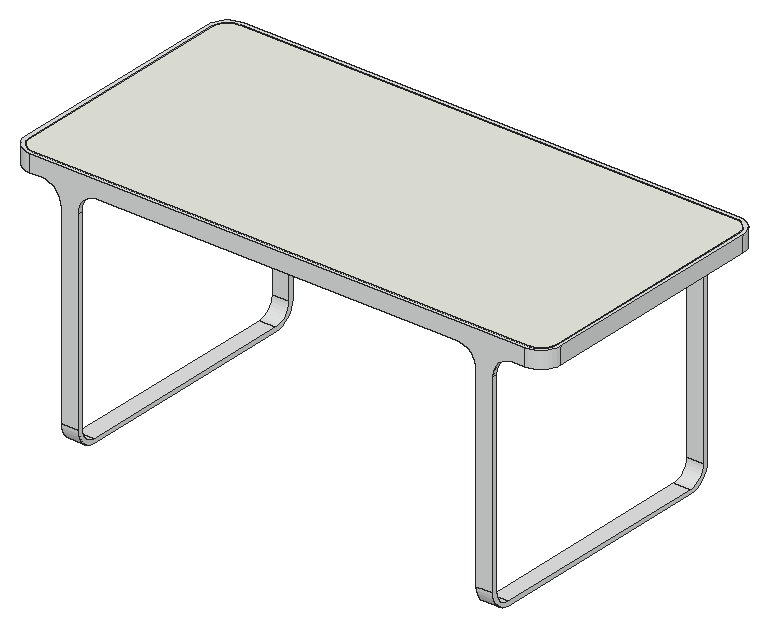
Revit family "Table-Casual-Naughtone-Trace_Table_Large", category Furniture, Revit 2015
Parameters (values of type "TRA-1600")
  _distributed by = "www.bimbox.co.uk"  # constant formula
  _current revision = "2"
  _created by = "www.bimbox.co.uk"  # constant formula
  _author = "BIMBox"  # constant formula
  _BIMspec_GUID = 0
  WarrantyStartDate [instance] = "<User Defined>"
  WarrantyGuarantorParts = "sales@naughtone.com"
  WarrantyGuarantorLabor = "sales@naughtone.com"
  WarrantyDurationUnit = "Years"
  WarrantyDurationParts = "5"
  WarrantyDurationLabor = "5"
  WarrantyDescription = "5 Year Warranty"
  Version = "2"
  Uniclass2015 = "40.50.21.22"
  URL = "http://www.naughtone.com"
  TypeName = "1600mmx800mmx750mm, Trace Table"
  Type Comments = "1600x800x750"
  Top Frame Width = Legs Width  # 50 mm
  TagNumber = 0
  Table Legs = 180 mm
  SustainabilityPerformance = "55.2% reusable content. 100% recycled & recyclable content"
  SpareParts = "n/a"
  Size = "1600mmx800mmx750mm"
  Shape = "Rectangular"
  SerialNumber = 0
  ReplacementCost = "0.00"
  Reinforcement = NominalWidth > 2299 mm  # no
  ProductInformation = "http://www.naughtone.com/wp-content/uploads/2015/04/Trace-large-brochure-FISP-2015.pdf?49171d"
  Product URL = "http://www.naughtone.com/portfolio-view/trace-large"
  Product Code = "TRA-1600"
  Option = "n/a"
  NominalWidth = 1600 mm
  NominalLength = 800 mm
  NominalHeight = 750 mm
  Name = "Table-Casual-Naughtone-Trace_Table_Large"
  NBSTypeID = "n/a"
  NBSReference = "40.50.21.22"
  Mtrl_Top [instance] = Laminate-White-Smooth
  Mtrl_Frame [instance] = Metal-Silver-Brushed
  ModelReference = "Trace Table Large"
  ModelNumber = "TRA-1600"
  Model = "Trace Rectangular Table"
  ManufacturerDetailsUK = "201 Pannal Business Park, Station Road, Harrogate, HG3 1JL"  # constant formula
  Manufacturer = "Naughtone"  # constant formula
  Legs Width = 50 mm
  Keynote = "40.50.21.22"
  InstallationDate [instance] = "<User Defined>"
  Grade = "n/a"
  Finish = "Polyster powder coat; various top finishes available"
  Features = "n/a"
  ExpectedLife = "15-20"
  DurationUnit = "Years"
  Description = "Trace Rectangular Table"
  CreatedOn = "2015.07.10"  # constant formula
  CreatedBy = "Naughtone"  # constant formula
  Cost = 0
  ContactTelephoneNumber = "+44 (0)1423 816 500"  # constant formula
  ContactEmailAddress = "sales@naughtone.com"  # constant formula
  Constituents = "Cold drawn mild steel frame, various top options"
  ComponentDescription = "Sold by the likes of MOMA in New York, the trace table range is simply a modern classic that speaks for itself. Suffice to say the immaculate hand made steel frame and repetition of shapes make trace an exquisitely balanced form."
  Color = "White"
  CodePerformance = "FISP Certified; ISO14001 Certified"
  Category = "40.50.21.22 : Dining Tables"
  BarCode = "0.000000"
  BIMObjectName = "Table-Casual-Naughtone-Trace_Table_Large"
  AssetType = "Movable"
  AssetIdentifier = "TRA-1600"
  Assembly Code = "E2020200"
  AccessibilityPerformance = "n/a"
Types (4, lengths in mm): name | TypeName | Type Comments | Top Frame Width | Table Legs | Size | Reinforcement | Product Code | NominalWidth | NominalLength | ModelNumber | Model | Legs Width | Description | AssetIdentifier
  TRA-1600 | "1600mmx800mmx750mm, Trace Table" | "1600x800x750" | 50 | 180 | "1600mmx800mmx750mm" | no | "TRA-1600" | 1600 | 800 | "TRA-1600" | "Trace Rectangular Table" | 50 | "Trace Rectangular Table" | "TRA-1600"
  TRA-2200 | "2200mmx800mmx750mm, Trace Table" | "2200x800x750" | 60 | 180 | "2200mmx800mmx750mm" | no | "TRA-2200" | 2200 | 800 | "TRA-2200" | "Trace Rectangular Table" | 60 | "Trace Rectangular Table" | "TRA-2200"
  TRA-OVERSIZE-2300 | "2300mmx900mmx750mm, Trace Table" | "2300x900x750" | 70 | 250 | "2300mmx900mmx750mm" | yes | "TRA-O/S" | 2300 | 900 | "TRA O/S" | "Trace Oversize Table 2300mm" | 70 | "Trace Oversize Table 2300mm" | "TRA O/S"
  TRA-OVERSIZE-3000 | "3000mmx1100mmx750mm, Trace Table" | "3000x1100x750" | 70 | 300 | "3000mmx1100mmx750mm" | yes | "TRA-O/S" | 3000 | 1100 | "TRA O/S" | "Trace Oversize Table 3000mm" | 70 | "Trace Oversize Table 3000mm" | "TRA O/S"
Reference planes
  plane 1 "Center (Front/Back)": y = 0
  plane 2: z = 0
  plane 3 "Center (Left/Right)": x = 0
  plane 4: z = 750
  plane 5: x = 620
  plane 6: x = -620
  plane 7: x = 800
  plane 8: x = -800
  plane 9: y = -400
  plane 10: y = 400
Forms (mm)
  Extrusion 1, solid, material "Metal-Silver-Brushed" <- "Mtrl_Frame"
    sketch origin (0, 0, 0) x (1, 0, 0) y (0, 1, 0)
      loop
        arc (-740, 400) -> (-782.426, 382.426) -> (-800, 340) r 60
        line (-800, 340) -> (-800, -340)
        arc (-800, -340) -> (-782.426, -382.426) -> (-740, -400) r 60
        line (-740, -400) -> (740, -400)
        arc (740, -400) -> (782.426, -382.426) -> (800, -340) r 60
        line (800, -340) -> (800, 340)
        arc (800, 340) -> (782.426, 382.426) -> (740, 400) r 60
        line (740, 400) -> (-740, 400)
    from 120.663 to 750
  Extrusion 2, void
    sketch origin (0, 0, 0) x (1, 0, 0) y (0, 1, 0)
      loop
        line (788, -340) -> (788, 340)
        arc (788, 340) -> (773.941, 373.941) -> (740, 388) r 48
        line (740, 388) -> (-740, 388)
        arc (-740, 388) -> (-773.941, 373.941) -> (-788, 340) r 48
        line (-788, 340) -> (-788, -340)
        arc (-788, -340) -> (-773.941, -373.941) -> (-740, -388) r 48
        line (-740, -388) -> (740, -388)
        arc (740, -388) -> (773.941, -373.941) -> (788, -340) r 48
    from 0 to 750
  Extrusion 3, solid, material "Laminate-White-Smooth" <- "Mtrl_Top"
    sketch origin (0, 0, 0) x (1, 0, 0) y (0, 1, 0)
      loop
        arc (788, 340) -> (773.941, 373.941) -> (740, 388) r 48
        line (740, 388) -> (-740, 388)
        arc (-740, 388) -> (-773.941, 373.941) -> (-788, 340) r 48
        line (-788, 340) -> (-788, -340)
        arc (-788, -340) -> (-773.941, -373.941) -> (-740, -388) r 48
        line (-740, -388) -> (740, -388)
        arc (740, -388) -> (773.941, -373.941) -> (788, -340) r 48
        line (788, -340) -> (788, 340)
    from 732 to 749.941
  Extrusion 4, solid
    sketch origin (0, 0, 0) x (1, 0, 0) y (0, 1, 0)
      loop
        line (740, 388) -> (-740, 388)
        arc (-740, 388) -> (-773.941, 373.941) -> (-788, 340) r 48
        line (-788, 340) -> (-788, -340)
        arc (-788, -340) -> (-773.941, -373.941) -> (-740, -388) r 48
        line (-740, -388) -> (740, -388)
        arc (740, -388) -> (773.941, -373.941) -> (788, -340) r 48
        line (788, -340) -> (788, 340)
        arc (788, 340) -> (773.941, 373.941) -> (740, 388) r 48
      loop
        arc (-740, 376) -> (-765.456, 365.456) -> (-776, 340) r 36
        line (-776, 340) -> (-776, -340)
        arc (-776, -340) -> (-765.456, -365.456) -> (-740, -376) r 36
        line (-740, -376) -> (740, -376)
        arc (740, -376) -> (765.456, -365.456) -> (776, -340) r 36
        line (776, -340) -> (776, 340)
        arc (776, 340) -> (765.456, 365.456) -> (740, 376) r 36
        line (740, 376) -> (-740, 376)
    from 716.078 to 732
  Extrusion 5, solid, material "Metal-Silver-Brushed" <- "Mtrl_Frame"
    sketch origin (0, 0, 0) x (0, 1, 0) y (0, 0, 1)
      loop
        line (-388, 120.663) -> (-400, 120.663) -> (-400, 59.998)
        arc (-400, 59.998) -> (-382.427, 17.573) -> (-340.002, 0) r 59.998
        line (-340.002, 0) -> (340, 0)
        arc (340, 0) -> (382.426, 17.574) -> (400, 60) r 60
        line (400, 60) -> (400, 120.663) -> (388, 120.663) -> (388, 59.996)
        arc (388, 59.996) -> (373.942, 26.058) -> (340.004, 12) r 47.996
        line (340.004, 12) -> (-340.004, 12)
        arc (-340.004, 12) -> (-373.942, 26.058) -> (-388, 59.996) r 47.996
        line (-388, 59.996) -> (-388, 120.663)
    from -645 to 645
  Extrusion 6, void
    sketch origin (0, 0, 0) x (1, 0, 0) y (0, 0, 1)
      loop
        arc (705, 700) -> (662.574, 682.426) -> (645, 640) r 60
        line (645, 640) -> (645, -30) -> (800, -30) -> (800, 700) -> (705, 700)
      loop
        arc (595, 640) -> (577.426, 682.426) -> (535, 700) r 60
        line (535, 700) -> (-535, 700)
        arc (-535, 700) -> (-577.426, 682.426) -> (-595, 640) r 60
        line (-595, 640) -> (-595, -30) -> (595, -30) -> (595, 640)
      loop
        line (-705, 700) -> (-800, 700) -> (-800, -30) -> (-645, -30) -> (-645, 640)
        arc (-645, 640) -> (-662.574, 682.426) -> (-705, 700) r 60
    from -400 to 400
  Extrusion 7, solid, material "Metal-Silver-Brushed" <- "Mtrl_Frame", visible <- "Reinforcement"
    sketch origin (1630.737, 0, 0) x (0, 1, 0) y (0, 0, 1)
      loop
        line (-388, 716.078) -> (-388, 59.996)
        arc (-388, 59.996) -> (-373.942, 26.058) -> (-340.004, 12) r 47.996
        line (-340.004, 12) -> (340.004, 12)
        arc (340.004, 12) -> (373.942, 26.058) -> (388, 59.996) r 47.996
        line (388, 59.996) -> (388, 716.078) -> (376, 716.078) -> (376, 59.996)
        arc (376, 59.996) -> (365.457, 34.543) -> (340.004, 24) r 35.996
        line (340.004, 24) -> (-340.004, 24)
        arc (-340.004, 24) -> (-365.457, 34.543) -> (-376, 59.996) r 35.996
        line (-376, 59.996) -> (-376, 716.078) -> (-388, 716.078)
    from -1016.737 to -1004.737
  Extrusion 8, solid, material "Metal-Silver-Brushed" <- "Mtrl_Frame", visible <- "Reinforcement"
    sketch origin (490.737, 0, 0) x (0, 1, 0) y (0, 0, 1)
      loop
        line (-388, 716.078) -> (-388, 59.996)
        arc (-388, 59.996) -> (-373.942, 26.058) -> (-340.004, 12) r 47.996
        line (-340.004, 12) -> (340.004, 12)
        arc (340.004, 12) -> (373.942, 26.058) -> (388, 59.996) r 47.996
        line (388, 59.996) -> (388, 716.078) -> (376, 716.078) -> (376, 59.996)
        arc (376, 59.996) -> (365.457, 34.543) -> (340.004, 24) r 35.996
        line (340.004, 24) -> (-340.004, 24)
        arc (-340.004, 24) -> (-365.457, 34.543) -> (-376, 59.996) r 35.996
        line (-376, 59.996) -> (-376, 716.078) -> (-388, 716.078)
    from -1116.737 to -1104.737
Cuts and joins
  Extrusion 2, Extrusion 6 cuts Extrusion 1
  Extrusion 6 cuts Extrusion 5
  joined: Extrusion 1, Extrusion 5
Dimensions and locks
  "NominalHeight": plane 4 to level
  equal spacing: plane 7, plane 3 "Center (Left/Right)", plane 8
  "NominalWidth": plane 7 to plane 8
  "Table Legs": plane 7 to plane 5
  "Table Legs": plane 8 to plane 6
  equal spacing: plane 10, plane 1 "Center (Front/Back)", plane 9
  "NominalLength": plane 10 to plane 9
  locked: Extrusion 2 sketch curve to plane 7 at 12
  locked: plane 8 to Extrusion 2 sketch curve at 12
  locked: Extrusion 2 sketch curve to plane 9 at 12
  locked: Extrusion 4 sketch curve to Extrusion 4 sketch curve at 12  (x4)
  "Top Frame Width": plane 4 to Extrusion 6 sketch curve  (x3)
  equal spacing: Extrusion 6 sketch curve, plane 5, Extrusion 6 sketch curve
  "Legs Width": Extrusion 6 sketch curve to Extrusion 6 sketch curve  (x2)
  equal spacing: Extrusion 6 sketch curve, plane 6, Extrusion 6 sketch curve
  Extrusion 7 to plane 5 to Extrusion 7 = 6 mm locked, 6 mm locked
  Extrusion 8 to plane 6 to Extrusion 8 = 6 mm locked, 6 mm locked
  locked: Extrusion 6 sketch curve to Extrusion 6 sketch curve at 60  (x2)
  aligned and locked: level to plane 2
  aligned and locked: plane 4 to Extrusion 1
  aligned and locked: Extrusion 1 to Extrusion 2
  aligned and locked: Extrusion 1 sketch curve to plane 7
  aligned and locked: Extrusion 1 sketch curve to plane 8
  aligned and locked: Extrusion 1 sketch curve to plane 10
  aligned and locked: plane 9 to Extrusion 1 sketch curve
  aligned and locked: Extrusion 3 sketch curve to cut or joined group of Extrusion 1, Extrusion 2, Extrusion 5, Extrusion 6  (x4)
  aligned and locked: Extrusion 4 sketch curve to Extrusion 3  (x4)
  aligned and locked: Extrusion 6 to Extrusion 1  (x2)
  aligned and locked: plane 8 to Extrusion 6 sketch curve
  aligned and locked: Extrusion 5 to Extrusion 6  (x2)
Automatic sketch dimensions
  Extrusion 1 sketch curve to Extrusion 1 sketch curve = 60 mm  (x2)
  Extrusion 1 sketch curve to plane 7 = 60 mm  (x2)
  Extrusion 2 sketch curve to Extrusion 2 sketch curve = 48 mm  (x3)
  Extrusion 2 sketch curve to plane 8 = 60 mm
  Extrusion 2 sketch curve to plane 7 = 60 mm  (x2)
  Extrusion 2 sketch curve to plane 10 = 12 mm
  Extrusion 4 sketch curve to Extrusion 4 sketch curve = 0 mm  (x4)
  Extrusion 5 sketch curve to plane 9 = 0 mm
  Extrusion 5 sketch curve to level = 0 mm
  Extrusion 5 sketch curve to plane 10 = 0 mm
  plane 9 to Extrusion 5 sketch curve = 12 mm
  Extrusion 5 sketch curve to Extrusion 5 sketch curve = 47.996 mm
  Extrusion 5 sketch curve to Extrusion 5 sketch curve = 0.002 mm
  level to Extrusion 5 sketch curve = 60 mm
  Extrusion 5 sketch curve to Extrusion 5 sketch curve = 0.004 mm
  Extrusion 5 sketch curve to plane 10 = 12 mm
  level to Extrusion 5 sketch curve = 12 mm
  Extrusion 5 sketch curve to Extrusion 5 sketch curve = 60.667 mm
  Extrusion 5 sketch curve to Extrusion 5 sketch curve = 60.665 mm
  Extrusion 7 sketch curve to Extrusion 7 sketch curve = 0 mm  (x4)
  plane 9 to Extrusion 7 sketch curve = 12 mm
  Extrusion 7 sketch curve to Extrusion 7 sketch curve = 12 mm
  level to Extrusion 7 sketch curve = 12 mm
  Extrusion 7 sketch curve to Extrusion 7 sketch curve = 35.996 mm
  Extrusion 7 sketch curve to plane 10 = 59.996 mm
  Extrusion 7 sketch curve to plane 10 = 24 mm
  Extrusion 7 sketch curve to plane 4 = 33.922 mm  (x2)
  Extrusion 8 sketch curve to Extrusion 8 sketch curve = 0 mm  (x4)
  plane 9 to Extrusion 8 sketch curve = 12 mm
  Extrusion 8 sketch curve to Extrusion 8 sketch curve = 12 mm
  level to Extrusion 8 sketch curve = 12 mm
  Extrusion 8 sketch curve to Extrusion 8 sketch curve = 35.996 mm
  Extrusion 8 sketch curve to plane 10 = 59.996 mm
  Extrusion 8 sketch curve to plane 10 = 24 mm
  Extrusion 8 sketch curve to plane 4 = 33.922 mm  (x2)
  Extrusion 6 sketch curve to plane 7 = 0 mm
  Extrusion 6 sketch curve to Extrusion 6 sketch curve = 60 mm  (x2)
  Extrusion 6 sketch curve to level = 30 mm  (x3)
